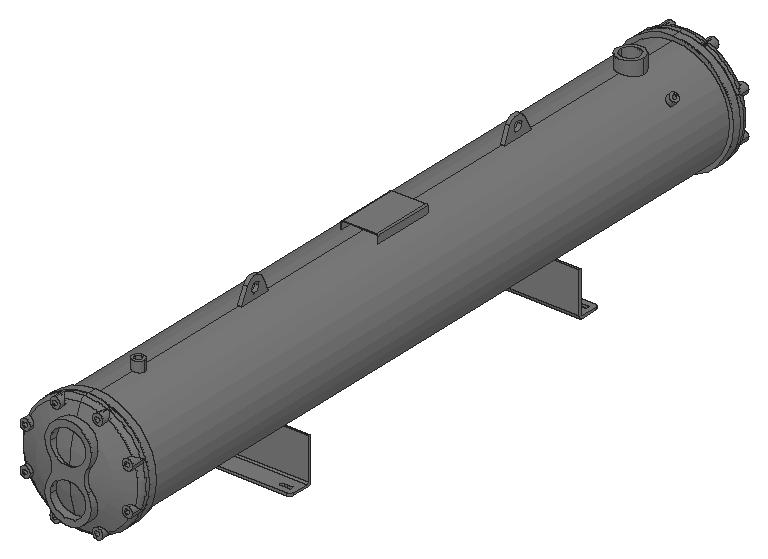
Revit family "MIT-BC_315_4P", category Specialty Equipment, Revit 2022
Family settings
  Round Connector Dimension = Use Radius
  Part Type = Normal
  Work Plane-Based = No
  Always vertical = Yes
  Cut with Voids When Loaded = No
  Maintain Annotation Orientation = No
  Shared = No
  Room Calculation Point = No
Parameters
  URL = "https://en.ekinendustriyel.com/evaporators-and-condensers"
  Test Pressure = 64.35 bar
  Production Standard = "TS EN 13831"
  Operating Pressure = 45.0 bar
  Model = "MIT-BC 285_4P"
  Manufacturer = "Ekin Endüstriyel"
  Keynote = "Condensers"
  Description = "MIT- Condensers"
  Default Elevation = 0 mm
Reference planes
  plane 1 "Center (Front/Back)": y = 0
  plane 2: z = 0
  plane 3 "Center (Left/Right)": x = 0
Forms (mm)
  Extrusion 1, solid, material "Ekin Endustriyel-S235JR", detail levels medium+fine
    sketch origin (0, 0, 0) x (1, 0, 0) y (0, 0, 1)
      loop
        circle (0, 216.5) r 136.55
    from -880 to 880
  Extrusion 2, solid, material "Ekin Endustriyel-S235JR", detail levels fine
    sketch origin (0, 0, 107.968) x (1, 0, 0) y (0, 0, 1)
      loop
        line (-45, 235.88) -> (-44, 235.88) -> (-44, 252.88)
        arc (-44, 252.88) -> (-43.414, 254.294) -> (-42, 254.88) r 2
        line (-42, 254.88) -> (42, 254.88)
        arc (42, 254.88) -> (43.414, 254.294) -> (44, 252.88) r 2
        line (44, 252.88) -> (44, 235.88) -> (45, 235.88) -> (45, 252.88)
        arc (45, 252.88) -> (44.121, 255.002) -> (42, 255.88) r 3
        line (42, 255.88) -> (-42, 255.88)
        arc (-42, 255.88) -> (-44.121, 255.002) -> (-45, 252.88) r 3
        line (-45, 252.88) -> (-45, 235.88)
    from -75 to 75
  Extrusion 3, solid, material "Ekin Endustriyel-S235JR", detail levels fine
    sketch origin (0, 500.19, 28.671) x (1, 0, 0) y (0, 1, 0)
      loop
        circle (0, 249.81) r 32.5
      loop
        circle (0, 249.81) r 23.144
    from 354.329 to 306.293
  Extrusion 4, solid, material "Ekin Endustriyel-S235JR", detail levels fine
    sketch origin (0, -499.666, 25.55) x (1, 0, 0) y (0, 1, 0)
      loop
        circle (0, -250.334) r 15
      loop
        circle (0, -250.334) r 8.928
    from 349.45 to 211.07
  Extrusion 5, solid, material "Ekin Endustriyel-S235JR", detail levels fine
    sketch origin (71.72, 749.856, 264.541) x (0, 1, 0) y (-0.707107, 0, 0.707107)
      loop
        circle (0.144, 16.744) r 11
      loop
        circle (0.144, 16.744) r 6.244
    from 66.816 to -32.02
  Extrusion 6, solid, material "Ekin Endustriyel-S235JR", detail levels fine
    sketch origin (0, -500.291, 0) x (1, 0, 0) y (0, 1, 0)
      loop
        circle (0, -249.709) r 25
      loop
        circle (0, -249.709) r 20.109
    from 50 to 169.15
  Extrusion 7, solid, material "Ekin Endustriyel-S235JR", detail levels coarse
    sketch origin (0, 0, 12.15) x (1, 0, 0) y (0, 0, 1)
      loop
        circle (0, 204.35) r 147.5
    from -953 to 963
  Extrusion 8, solid, material "Ekin Endustriyel-S235JR"
    sketch origin (0, -275.334, 0) x (0, -1, 0) y (0, 0, -1)
      loop
        line (134.666, -9) -> (134.666, -110) -> (139.666, -110) -> (139.666, -9)
        arc (139.666, -9) -> (140.837, -6.172) -> (143.666, -5) r 4
        line (143.666, -5) -> (194.666, -5) -> (194.666, 0) -> (143.666, 0)
        arc (143.666, 0) -> (137.302, -2.636) -> (134.666, -9) r 9
    from -147.5 to 147.5
  Extrusion 9, void
    sketch origin (0, -470, 5) x (0, 1, 0) y (-1, 0, 0)
      loop
        arc (25.25, -111) -> (20, -105.75) -> (14.75, -111) r 5.25
        line (14.75, -111) -> (14.75, -131)
        arc (14.75, -131) -> (20, -136.25) -> (25.25, -131) r 5.25
        line (25.25, -131) -> (25.25, -111)
      loop
        arc (10, -147.5) -> (2.929, -144.571) -> (0, -137.5) r 10
        line (0, -137.5) -> (0, 137.5)
        arc (0, 137.5) -> (2.929, 144.571) -> (10, 147.5) r 10
        line (10, 147.5) -> (-10, 147.5) -> (-10, -147.5) -> (10, -147.5)
      loop
        line (14.75, 131) -> (14.75, 111)
        arc (14.75, 111) -> (20, 105.75) -> (25.25, 111) r 5.25
        line (25.25, 111) -> (25.25, 131)
        arc (25.25, 131) -> (20, 136.25) -> (14.75, 131) r 5.25
    from -5 to 0
  Extrusion 10, solid, material "Ekin Endustriyel-S235JR", detail levels medium+fine
    sketch origin (40, -549.666, 12.133) x (1, 0, 0) y (0, 0, 1)
      loop
        circle (-40, 261.867) r 42.65
      loop
        circle (-40, 146.867) r 42.65
      loop
        arc (7.514, 231.018) -> (-40, 318.517) -> (-87.514, 231.018) r 56.65
        arc (-87.514, 231.018) -> (-80.172, 204.367) -> (-87.514, 177.716) r 52.041
        arc (-87.514, 177.716) -> (-40, 90.217) -> (7.514, 177.716) r 56.65
        arc (7.514, 177.716) -> (0.172, 204.367) -> (7.514, 231.018) r 52.041
    from 390.526 to 413.334
  Extrusion 11, solid, material "Ekin Endustriyel-S235JR", detail levels medium+fine
    sketch origin (0, -549.666, 12.133) x (1, 0, 0) y (0, 0, -1)
      loop
        circle (-51.638, -329.097) r 12.5
      loop
        circle (-51.662, -329.09) r 6.25
      loop
        circle (51.638, -329.097) r 12.5
      loop
        circle (51.662, -329.09) r 6.25
      loop
        circle (-51.638, -79.637) r 12.5
      loop
        circle (-51.662, -79.643) r 6.25
      loop
        circle (51.638, -79.637) r 12.5
      loop
        circle (51.662, -79.643) r 6.25
      loop
        circle (-124.73, -152.728) r 12.5
      loop
        circle (-124.724, -152.704) r 6.25
      loop
        circle (-124.73, -256.005) r 12.5
      loop
        circle (-124.724, -256.029) r 6.25
      loop
        circle (124.73, -152.728) r 12.5
      loop
        circle (124.724, -152.704) r 6.25
      loop
        circle (124.73, -256.005) r 12.5
      loop
        circle (124.724, -256.029) r 6.25
    from -388.334 to -355.334
  Extrusion 12, solid, material "Ekin Endustriyel-S235JR", detail levels fine
    sketch origin (0, -0.334, 79.238) x (0, -1, 0) y (0, 0, -1)
      loop
        line (-440.334, -273.721) -> (-422.806, -309.676)
        arc (-422.806, -309.676) -> (-400.334, -323.721) -> (-377.863, -309.676) r 25
        line (-377.863, -309.676) -> (-360.334, -273.721) -> (-440.334, -273.721)
      loop
        circle (-400.334, -298.721) r 12.5
      loop
        line (439.666, -273.721) -> (359.666, -273.721) -> (377.194, -309.676)
        arc (377.194, -309.676) -> (399.666, -323.721) -> (422.137, -309.676) r 25
        line (422.137, -309.676) -> (439.666, -273.721)
      loop
        circle (399.666, -298.721) r 12.5
    from -5 to 5
  Extrusion 13, solid, material "Ekin Endustriyel-S235JR", detail levels medium+fine
    sketch origin (0, -549.666, 12.133) x (1, 0, 0) y (0, 0, 1)
      loop
        circle (0, 204.367) r 147.5
    from 330.334 to 350.334
  Revolve 14, solid, material "Ekin Endustriyel-S235JR", detail levels medium+fine
    sketch origin (0, -549.666, 12.133) x (0, 1, 0) y (0, 0, 1)
      loop
        line (-350.334, 351.867) -> (-361.403, 351.867)
        arc (-361.403, 351.867) -> (-369.114, 349.693) -> (-374.553, 343.811) r 14.761
        arc (-374.553, 343.811) -> (-399.668, 276.073) -> (-408.463, 204.367) r 310.769
        line (-408.463, 204.367) -> (-350.334, 204.367) -> (-350.334, 351.867)
      axis (-350.334, 204.367) -> (-408.463, 204.367)
    angle from 0 to 360
  Extrusion 15, solid, material "Ekin Endustriyel-S235JR"
    sketch origin (0, 275.334, 0) x (0, 1, 0) y (0, 0, 1)
      loop
        arc (134.666, 9) -> (137.302, 2.636) -> (143.666, 0) r 9
        line (143.666, 0) -> (194.666, 0) -> (194.666, 5) -> (143.666, 5)
        arc (143.666, 5) -> (140.837, 6.172) -> (139.666, 9) r 4
        line (139.666, 9) -> (139.666, 110) -> (134.666, 110) -> (134.666, 9)
    from -147.5 to 147.5
  Extrusion 16, void
    sketch origin (0, 470, 5) x (0, -1, 0) y (1, 0, 0)
      loop
        line (25.25, 111) -> (25.25, 131)
        arc (25.25, 131) -> (20, 136.25) -> (14.75, 131) r 5.25
        line (14.75, 131) -> (14.75, 111)
        arc (14.75, 111) -> (20, 105.75) -> (25.25, 111) r 5.25
      loop
        line (10, 147.5) -> (-10, 147.5) -> (-10, -147.5) -> (10, -147.5)
        arc (10, -147.5) -> (2.929, -144.571) -> (0, -137.5) r 10
        line (0, -137.5) -> (0, 137.5)
        arc (0, 137.5) -> (2.929, 144.571) -> (10, 147.5) r 10
      loop
        arc (14.75, -131) -> (20, -136.25) -> (25.25, -131) r 5.25
        line (25.25, -131) -> (25.25, -111)
        arc (25.25, -111) -> (20, -105.75) -> (14.75, -111) r 5.25
        line (14.75, -111) -> (14.75, -131)
    from -5 to 0
  Extrusion 17, solid, material "Ekin Endustriyel-S235JR", detail levels medium+fine
    sketch origin (0, 549.666, 12.133) x (1, 0, 0) y (0, 0, 1)
      loop
        circle (-51.638, 329.097) r 12.5
      loop
        circle (-51.662, 329.09) r 6.25
      loop
        circle (51.638, 329.097) r 12.5
      loop
        circle (51.662, 329.09) r 6.25
      loop
        circle (-51.638, 79.637) r 12.5
      loop
        circle (-51.662, 79.643) r 6.25
      loop
        circle (51.638, 79.637) r 12.5
      loop
        circle (51.662, 79.643) r 6.25
      loop
        circle (-124.73, 152.728) r 12.5
      loop
        circle (-124.724, 152.704) r 6.25
      loop
        circle (-124.73, 256.005) r 12.5
      loop
        circle (-124.724, 256.029) r 6.25
      loop
        circle (124.73, 152.728) r 12.5
      loop
        circle (124.724, 152.704) r 6.25
      loop
        circle (124.73, 256.005) r 12.5
      loop
        circle (124.724, 256.029) r 6.25
    from -388.334 to -355.334
  Extrusion 18, solid, material "Ekin Endustriyel-S235JR", detail levels medium+fine
    sketch origin (0, 549.666, 12.133) x (1, 0, 0) y (0, 0, -1)
      loop
        circle (0, -204.367) r 147.5
    from 330.334 to 350.334
  Revolve 19, solid, material "Ekin Endustriyel-S235JR", detail levels medium+fine
    sketch origin (0, 549.666, 12.133) x (0, -1, 0) y (0, 0, -1)
      loop
        line (-350.334, -351.867) -> (-350.334, -204.367) -> (-408.463, -204.367)
        arc (-408.463, -204.367) -> (-399.668, -276.073) -> (-374.553, -343.811) r 310.769
        arc (-374.553, -343.811) -> (-369.114, -349.693) -> (-361.403, -351.867) r 14.761
        line (-361.403, -351.867) -> (-350.334, -351.867)
      axis (-350.334, -204.367) -> (-408.463, -204.367)
    angle from 0 to 360
Cuts and joins
  Extrusion 9, Extrusion 16 cuts Extrusion 8
  Extrusion 16 cuts Extrusion 15
Dimensions and locks
  aligned and locked: level to plane 2
Connectors
  piping at (0, -963, 274), diameter 76.2
    settings: on Extrusion 10, index 1, connector inside diameter 609.6 mm, connector length 0 mm, flow factor 0, pipe flow 0.0 L/s, pressure drop 0.0 Pa, fitting loss kfactor 0, connector angle 0.00°, fixture units 0, engagement length 0 mm, angle of deflection 0.00°, flow configuration 0, flow direction 1, fitting loss method 0, system type 7, joint type 0, gender type 0, connector reference index -1, connector utility 0, adjustable connector no, is connector primary yes, connector description ""
  piping at (0, -963, 159), diameter 76.2
    settings: on Extrusion 10, index 2, connector inside diameter 609.6 mm, connector length 0 mm, flow factor 0, pipe flow 0.0 L/s, pressure drop 0.0 Pa, fitting loss kfactor 0, connector angle 0.00°, fixture units 0, engagement length 0 mm, angle of deflection 0.00°, flow configuration 0, flow direction 2, fitting loss method 0, system type 7, joint type 0, gender type 0, connector reference index -1, connector utility 0, adjustable connector no, is connector primary no, connector description ""
  hvac at (0, 750, 383)
    settings: on Extrusion 3, index 3, duct flow 0.0 L/s, flow factor 0, pres drop 0.0 bar, loss coef 0, conn angle 0.00°, conn width 304.8 mm, conn height 304.8 mm, conn diameter 54 mm, duct sys type 3, conn prof type 0, flow config 0, flow direction 0, loss method 0, conn ref index -1, conn util no, is conn primary yes, conn desc ""
  hvac at (0, -750, 50)
    settings: on Extrusion 6, index 4, duct flow 0.0 L/s, flow factor 0, pres drop 0.0 bar, loss coef 0, conn angle 0.00°, conn width 304.8 mm, conn height 304.8 mm, conn diameter 42 mm, duct sys type 3, conn prof type 0, flow config 0, flow direction 0, loss method 0, conn ref index -1, conn util no, is conn primary no, conn desc ""
